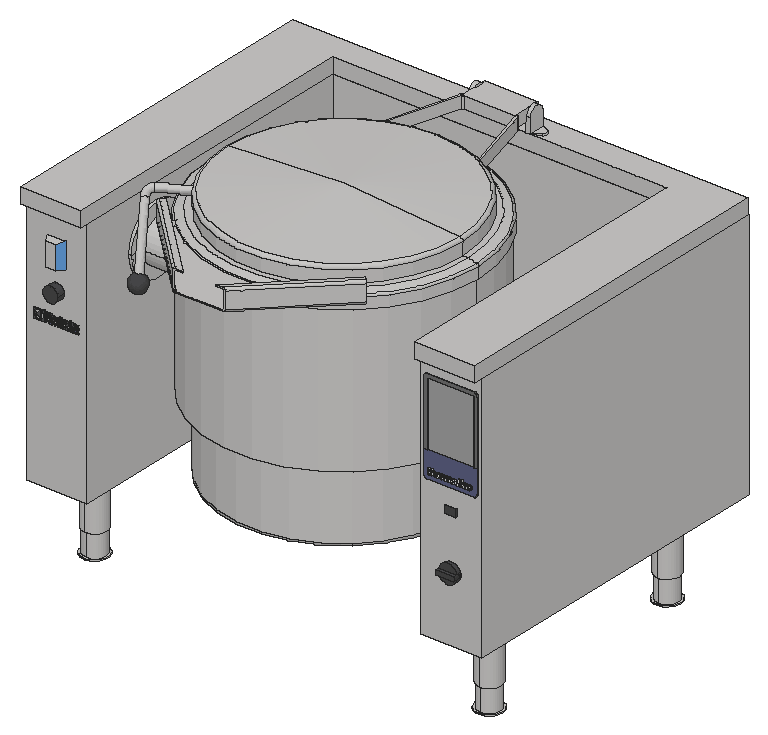
Revit family "QF_ELECTROLUXPROFESSIONAL_587178_PBOT10SCJO", category Attrezzature speciali, Revit 2020 (continued)
Definition of nested family "QF_ELECTROLUXPROFESSIONAL_PBOTS900_LEFT"
  Automatic sketch dimensions
    Extrusion 5 sketch curve to Extrusion 5 sketch curve = 2.352 mm  (x2)
    Extrusion 5 sketch curve to Extrusion 5 sketch curve = 3.797 mm
    Extrusion 5 sketch curve to Extrusion 5 sketch curve = 1.528 mm
    Extrusion 5 sketch curve to Extrusion 5 sketch curve = 1.476 mm  (x2)
    Extrusion 5 sketch curve to Extrusion 5 sketch curve = 1.469 mm  (x2)
    Extrusion 5 sketch curve to Extrusion 5 sketch curve = 3.728 mm
    Extrusion 5 sketch curve to Extrusion 5 sketch curve = 0.046 mm
    Extrusion 5 sketch curve to Extrusion 5 sketch curve = 0.177 mm
    Extrusion 5 sketch curve to Extrusion 5 sketch curve = 0.947 mm
    Extrusion 5 sketch curve to Extrusion 5 sketch curve = 0.308 mm
    Extrusion 5 sketch curve to Extrusion 5 sketch curve = 0.091 mm
    Extrusion 5 sketch curve to Extrusion 5 sketch curve = 2.375 mm
    Extrusion 5 sketch curve to Extrusion 5 sketch curve = 0.94 mm
    Extrusion 5 sketch curve to Extrusion 5 sketch curve = 0.54 mm
    Extrusion 5 sketch curve to Extrusion 5 sketch curve = 0.102 mm
    Extrusion 5 sketch curve to Extrusion 5 sketch curve = 0.002 mm  (x4)
    Extrusion 5 sketch curve to Extrusion 5 sketch curve = 0.105 mm
    Extrusion 5 sketch curve to Extrusion 5 sketch curve = 0.097 mm
    Extrusion 5 sketch curve to plane 3 "Center (Left/Right)" = 0.241 mm
    Extrusion 5 sketch curve to plane 3 "Center (Left/Right)" = 0.412 mm
    Extrusion 5 sketch curve to plane 3 "Center (Left/Right)" = 2.074 mm
    Extrusion 5 sketch curve to Extrusion 5 sketch curve = 1.777 mm
    Extrusion 5 sketch curve to plane 3 "Center (Left/Right)" = 2.704 mm
    Extrusion 5 sketch curve to Extrusion 5 sketch curve = 1.001 mm
    Extrusion 5 sketch curve to Extrusion 5 sketch curve = 1.393 mm  (x2)
    Extrusion 5 sketch curve to Extrusion 5 sketch curve = 2.363 mm
    Extrusion 5 sketch curve to Extrusion 5 sketch curve = 2.253 mm
    Extrusion 5 sketch curve to Extrusion 5 sketch curve = 0.014 mm  (x4)
    Extrusion 5 sketch curve to Extrusion 5 sketch curve = 0.172 mm
    Extrusion 5 sketch curve to Extrusion 5 sketch curve = 0.096 mm
    Extrusion 5 sketch curve to Extrusion 5 sketch curve = 0.164 mm
    Extrusion 5 sketch curve to Extrusion 5 sketch curve = 0.298 mm
    Extrusion 5 sketch curve to Extrusion 5 sketch curve = 0.247 mm
    Extrusion 5 sketch curve to Extrusion 5 sketch curve = 0.084 mm
    Extrusion 5 sketch curve to Extrusion 5 sketch curve = 6.484 mm
    Extrusion 5 sketch curve to Extrusion 5 sketch curve = 2.596 mm
    Extrusion 5 sketch curve to Extrusion 5 sketch curve = 0.059 mm  (x2)
    Extrusion 5 sketch curve to Extrusion 5 sketch curve = 3.889 mm
    Extrusion 5 sketch curve to Extrusion 5 sketch curve = 6.029 mm
    Extrusion 5 sketch curve to Extrusion 5 sketch curve = 0.929 mm
    Extrusion 5 sketch curve to Extrusion 5 sketch curve = 1.102 mm
    Extrusion 5 sketch curve to Extrusion 5 sketch curve = 0.756 mm  (x2)
    Extrusion 5 sketch curve to Extrusion 5 sketch curve = 0.852 mm
    Extrusion 5 sketch curve to Extrusion 5 sketch curve = 0.108 mm
    Extrusion 5 sketch curve to Extrusion 5 sketch curve = 0.101 mm
    Extrusion 5 sketch curve to Extrusion 5 sketch curve = 0.072 mm
    Extrusion 5 sketch curve to Extrusion 5 sketch curve = 1.67 mm
    Extrusion 5 sketch curve to Extrusion 5 sketch curve = 1.834 mm
    Extrusion 5 sketch curve to Extrusion 5 sketch curve = 0.366 mm
    Extrusion 5 sketch curve to Extrusion 5 sketch curve = 0.993 mm
    Extrusion 5 sketch curve to Extrusion 5 sketch curve = 0.81 mm
    Extrusion 5 sketch curve to Extrusion 5 sketch curve = 1.026 mm  (x2)
    Extrusion 5 sketch curve to Extrusion 5 sketch curve = 4.272 mm
    Extrusion 5 sketch curve to Extrusion 5 sketch curve = 0.163 mm
    Extrusion 5 sketch curve to Extrusion 5 sketch curve = 0.551 mm
    plane 14 to Extrusion 5 sketch curve = 6.023 mm
    Extrusion 5 sketch curve to Extrusion 5 sketch curve = 1.451 mm
    plane 14 to Extrusion 5 sketch curve = 5.28 mm
    Extrusion 5 sketch curve to Extrusion 5 sketch curve = 0.045 mm  (x2)
    Extrusion 5 sketch curve to Extrusion 5 sketch curve = 0.241 mm
    Extrusion 5 sketch curve to Extrusion 5 sketch curve = 0.039 mm
    Extrusion 5 sketch curve to Extrusion 5 sketch curve = 1.134 mm
    Extrusion 5 sketch curve to Extrusion 5 sketch curve = 2.351 mm
    Extrusion 5 sketch curve to plane 14 = 0.874 mm
    Extrusion 5 sketch curve to Extrusion 5 sketch curve = 10.128 mm
    Extrusion 5 sketch curve to Extrusion 5 sketch curve = 0.956 mm
    Extrusion 5 sketch curve to Extrusion 5 sketch curve = 1.263 mm
    Extrusion 5 sketch curve to Extrusion 5 sketch curve = 2.577 mm
    Extrusion 5 sketch curve to Extrusion 5 sketch curve = 0.243 mm
    Extrusion 5 sketch curve to Extrusion 5 sketch curve = 0.031 mm
    Extrusion 5 sketch curve to Extrusion 5 sketch curve = 7.148 mm
    Extrusion 5 sketch curve to Extrusion 5 sketch curve = 1.502 mm
    Extrusion 5 sketch curve to Extrusion 5 sketch curve = 11.54 mm
    Extrusion 5 sketch curve to Extrusion 5 sketch curve = 11.758 mm
    Extrusion 5 sketch curve to Extrusion 5 sketch curve = 4.097 mm
    Extrusion 5 sketch curve to Extrusion 5 sketch curve = 0.011 mm
    Extrusion 5 sketch curve to Extrusion 5 sketch curve = 4.488 mm
    plane 18 "CHW" to Extrusion 5 sketch curve = 191.223 mm
    Extrusion 5 sketch curve to Extrusion 5 sketch curve = 3.444 mm  (x2)
    Extrusion 5 sketch curve to Extrusion 5 sketch curve = 3.777 mm
    Extrusion 5 sketch curve to Extrusion 5 sketch curve = 1.093 mm
    Extrusion 5 sketch curve to Extrusion 5 sketch curve = 1.192 mm
    Extrusion 5 sketch curve to Extrusion 5 sketch curve = 0.319 mm
    Extrusion 5 sketch curve to Extrusion 5 sketch curve = 5.798 mm
    Extrusion 5 sketch curve to Extrusion 5 sketch curve = 2.021 mm
    Extrusion 5 sketch curve to Extrusion 5 sketch curve = 2.357 mm  (x3)
    Extrusion 5 sketch curve to Extrusion 5 sketch curve = 0.892 mm  (x3)
    Extrusion 5 sketch curve to Extrusion 5 sketch curve = 1.018 mm
    Extrusion 5 sketch curve to Extrusion 5 sketch curve = 3.382 mm  (x2)
    Extrusion 5 sketch curve to Extrusion 5 sketch curve = 2.117 mm
    Extrusion 5 sketch curve to Extrusion 5 sketch curve = 0.195 mm  (x2)
    Extrusion 5 sketch curve to Extrusion 5 sketch curve = 0.295 mm  (x2)
    Extrusion 5 sketch curve to Extrusion 5 sketch curve = 0.618 mm
    Extrusion 5 sketch curve to Extrusion 5 sketch curve = 0.385 mm  (x2)
    Extrusion 5 sketch curve to Extrusion 5 sketch curve = 1.626 mm  (x2)
    Extrusion 5 sketch curve to Extrusion 5 sketch curve = 1.65 mm
    Extrusion 5 sketch curve to Extrusion 5 sketch curve = 1.662 mm
    Extrusion 5 sketch curve to Extrusion 5 sketch curve = 0.013 mm  (x2)
    Extrusion 5 sketch curve to Extrusion 5 sketch curve = 0.292 mm
    Extrusion 5 sketch curve to Extrusion 5 sketch curve = 0.107 mm  (x2)
    Extrusion 5 sketch curve to Extrusion 5 sketch curve = 0.068 mm  (x2)
    Extrusion 5 sketch curve to Extrusion 5 sketch curve = 0.968 mm
    Extrusion 5 sketch curve to Extrusion 5 sketch curve = 0.365 mm
    Extrusion 5 sketch curve to Extrusion 5 sketch curve = 2.361 mm
    Extrusion 5 sketch curve to Extrusion 5 sketch curve = 2.359 mm
    Extrusion 5 sketch curve to Extrusion 5 sketch curve = 0.531 mm  (x2)
    Extrusion 5 sketch curve to Extrusion 5 sketch curve = 0.928 mm  (x2)
    Extrusion 5 sketch curve to Extrusion 5 sketch curve = 1.058 mm
    Extrusion 5 sketch curve to Extrusion 5 sketch curve = 0.297 mm  (x2)
    Extrusion 5 sketch curve to Extrusion 5 sketch curve = 0.155 mm  (x2)
    Extrusion 5 sketch curve to Extrusion 5 sketch curve = 1.305 mm
    Extrusion 5 sketch curve to Extrusion 5 sketch curve = 1.037 mm
    Extrusion 5 sketch curve to Extrusion 5 sketch curve = 0.182 mm  (x2)
    Extrusion 5 sketch curve to Extrusion 5 sketch curve = 0.607 mm  (x2)
    Extrusion 5 sketch curve to Extrusion 5 sketch curve = 0.304 mm  (x2)
    Extrusion 5 sketch curve to Extrusion 5 sketch curve = 0.372 mm  (x2)
    Extrusion 5 sketch curve to Extrusion 5 sketch curve = 0.016 mm  (x2)
    Extrusion 5 sketch curve to Extrusion 5 sketch curve = 0.996 mm
    Extrusion 5 sketch curve to Extrusion 5 sketch curve = 0.93 mm
    Extrusion 5 sketch curve to Extrusion 5 sketch curve = 0.709 mm  (x2)
    Extrusion 5 sketch curve to Extrusion 5 sketch curve = 1.752 mm
    Extrusion 5 sketch curve to Extrusion 5 sketch curve = 1.017 mm
    Extrusion 5 sketch curve to Extrusion 5 sketch curve = 4.718 mm
    Extrusion 5 sketch curve to Extrusion 5 sketch curve = 0.891 mm
    Extrusion 5 sketch curve to Extrusion 5 sketch curve = 3.826 mm
    Extrusion 5 sketch curve to Extrusion 5 sketch curve = 1.696 mm
    Extrusion 5 sketch curve to Extrusion 5 sketch curve = 0.954 mm
    Extrusion 5 sketch curve to Extrusion 5 sketch curve = 5.576 mm
    Extrusion 5 sketch curve to Extrusion 5 sketch curve = 5.657 mm  (x2)
    Extrusion 5 sketch curve to Extrusion 5 sketch curve = 5.661 mm  (x2)
    Extrusion 5 sketch curve to Extrusion 5 sketch curve = 0.006 mm
    Extrusion 5 sketch curve to Extrusion 5 sketch curve = 1.499 mm
    Extrusion 5 sketch curve to Extrusion 5 sketch curve = 7.186 mm
    Extrusion 5 sketch curve to Extrusion 5 sketch curve = 2.203 mm
    Extrusion 5 sketch curve to Extrusion 5 sketch curve = 2.21 mm
    Extrusion 5 sketch curve to Extrusion 5 sketch curve = 1.607 mm
    Extrusion 5 sketch curve to Extrusion 5 sketch curve = 3.479 mm
    Extrusion 5 sketch curve to Extrusion 5 sketch curve = 3.92 mm
    Extrusion 5 sketch curve to Extrusion 5 sketch curve = 0.05 mm
    Extrusion 5 sketch curve to Extrusion 5 sketch curve = 1.776 mm
    Extrusion 5 sketch curve to Extrusion 5 sketch curve = 4.017 mm
    Extrusion 5 sketch curve to Extrusion 5 sketch curve = 0.196 mm  (x2)
    Extrusion 5 sketch curve to Extrusion 5 sketch curve = 0.19 mm
    Extrusion 5 sketch curve to Extrusion 5 sketch curve = 1.312 mm
    Extrusion 5 sketch curve to Extrusion 5 sketch curve = 0.146 mm
    Extrusion 5 sketch curve to Extrusion 5 sketch curve = 2.831 mm
    Extrusion 5 sketch curve to Extrusion 5 sketch curve = 0.387 mm
    Extrusion 5 sketch curve to Extrusion 5 sketch curve = 0.174 mm
    Extrusion 5 sketch curve to Extrusion 5 sketch curve = 4.623 mm
    Extrusion 5 sketch curve to Extrusion 5 sketch curve = 1.754 mm
    Extrusion 5 sketch curve to Extrusion 5 sketch curve = 0.188 mm
    Extrusion 5 sketch curve to Extrusion 5 sketch curve = 0.02 mm
    Extrusion 5 sketch curve to Extrusion 5 sketch curve = 0.313 mm
    Extrusion 5 sketch curve to Extrusion 5 sketch curve = 0.12 mm
    Extrusion 5 sketch curve to Extrusion 5 sketch curve = 0.062 mm
    Extrusion 5 sketch curve to Extrusion 5 sketch curve = 0.568 mm
    Extrusion 5 sketch curve to Extrusion 5 sketch curve = 1.763 mm
    Extrusion 5 sketch curve to Extrusion 5 sketch curve = 0.095 mm
    Extrusion 5 sketch curve to Extrusion 5 sketch curve = 1.817 mm
    Extrusion 5 sketch curve to Extrusion 5 sketch curve = 0.357 mm
    Extrusion 5 sketch curve to Extrusion 5 sketch curve = 0.008 mm
    Extrusion 5 sketch curve to Extrusion 5 sketch curve = 0.36 mm
    Extrusion 5 sketch curve to Extrusion 5 sketch curve = 3.784 mm
    Extrusion 5 sketch curve to Extrusion 5 sketch curve = 1.654 mm
    Extrusion 5 sketch curve to Extrusion 5 sketch curve = 1.454 mm
    Extrusion 5 sketch curve to Extrusion 5 sketch curve = 1.705 mm
    Extrusion 5 sketch curve to Extrusion 5 sketch curve = 1.893 mm
    Extrusion 5 sketch curve to Extrusion 5 sketch curve = 3.429 mm
    Extrusion 5 sketch curve to Extrusion 5 sketch curve = 1.094 mm
    Extrusion 5 sketch curve to Extrusion 5 sketch curve = 2.218 mm
    Extrusion 5 sketch curve to Extrusion 5 sketch curve = 1.404 mm
    Extrusion 5 sketch curve to Extrusion 5 sketch curve = 5.763 mm
    Extrusion 5 sketch curve to Extrusion 5 sketch curve = 2.932 mm  (x2)
    Extrusion 5 sketch curve to Extrusion 5 sketch curve = 5.959 mm
    Extrusion 5 sketch curve to Extrusion 5 sketch curve = 1.424 mm
    Extrusion 5 sketch curve to Extrusion 5 sketch curve = 3.23 mm
    Extrusion 5 sketch curve to Extrusion 5 sketch curve = 1.975 mm
    Extrusion 5 sketch curve to Extrusion 5 sketch curve = 3.779 mm
    Extrusion 5 sketch curve to Extrusion 5 sketch curve = 2.212 mm
    Extrusion 5 sketch curve to Extrusion 5 sketch curve = 3.78 mm
    Extrusion 5 sketch curve to Extrusion 5 sketch curve = 1.279 mm
    Extrusion 5 sketch curve to Extrusion 5 sketch curve = 1.343 mm  (x2)
    Extrusion 5 sketch curve to Extrusion 5 sketch curve = 1.353 mm  (x2)
    Extrusion 5 sketch curve to Extrusion 5 sketch curve = 0.027 mm  (x2)
    Extrusion 5 sketch curve to Extrusion 5 sketch curve = 0.395 mm  (x2)
    Extrusion 5 sketch curve to Extrusion 5 sketch curve = 0.329 mm  (x2)
    Extrusion 5 sketch curve to Extrusion 5 sketch curve = 0.425 mm  (x2)
    Extrusion 5 sketch curve to Extrusion 5 sketch curve = 0.051 mm  (x2)
    Extrusion 5 sketch curve to Extrusion 5 sketch curve = 0.495 mm  (x2)
    Extrusion 5 sketch curve to Extrusion 5 sketch curve = 0.267 mm  (x2)
    Extrusion 5 sketch curve to Extrusion 5 sketch curve = 1.4 mm
    Extrusion 5 sketch curve to Extrusion 5 sketch curve = 5.233 mm
    Extrusion 5 sketch curve to Extrusion 5 sketch curve = 2.062 mm
    Extrusion 6 sketch curve to plane 13 "HW_CW" = 0.0 mm  (x2)
    Extrusion 6 sketch curve to plane 15 = 0.0 mm
    Extrusion 6 sketch curve to plane 14 = 0.0 mm
    Extrusion 7 sketch curve to plane 3 "Center (Left/Right)" = 0.0 mm
    Extrusion 7 sketch curve to plane 16 "SteamO" = 0.0 mm
    Extrusion 8 sketch curve to plane 3 "Center (Left/Right)" = 0.0 mm
    Extrusion 8 sketch curve to plane 17 "STEAM" = 0.0 mm
    radius of Extrusion 2 sketch curve = 20.0 mm
    radius of Extrusion 3 sketch curve = 6.35 mm  (x2)
    radius of Extrusion 5 sketch curve = 2.453 mm
    radius of Extrusion 5 sketch curve = 1.557 mm
    radius of Extrusion 5 sketch curve = 1.468 mm
    radius of Extrusion 5 sketch curve = 2.451 mm
    radius of Extrusion 6 sketch curve = 5.0 mm  (x2)
    radius of Extrusion 7 sketch curve = 12.7 mm
    radius of Extrusion 8 sketch curve = 12.7 mm
Definition of nested family "QF_ELECTROLUXPROFESSIONAL_PBOTS900_RIGHT"
  Parameters
    Width = 160.0 mm
    Steam_z = 140.0 mm
    Steam_y = 239.0 mm
    Right = Width / 2  # 80.0 mm
    Default Elevation = 0.0 mm
    Left = -Width / 2  # -80.0 mm
    Htop = 40.0 mm
    Height = 900.0 mm
    HBase = 200.0 mm
    EI_z = 250.0 mm
    EI_y = 312.0 mm
    Depth = 900.0 mm
    BorderFront = 20.0 mm
    Body Finish [instance] = none
  Reference planes
    plane 1 "Center (Front/Back)": y = 0
    plane 2: z = 0
    plane 3 "Center (Left/Right)": x = 0
    plane 4 "LEFT": x = -80
    plane 5 "RIGHT": x = 80
    plane 6 "BACK": y = 450
    plane 7 "FRONT": y = -450
    plane 8 "Base": z = 200
    plane 9 "TOP": z = 900
    plane 10 "BorderFront": y = -430
    plane 11: z = 860
    plane 12 "EI": z = 450
    plane 13: y = 138
    plane 14 "STEAM_y": y = 211
    plane 15 "Steam_z": z = 340
  Forms (mm)
    Extrusion 1, solid
      sketch origin (0, 0, 0) x (1, 0, 0) y (0, 1, 0)
        loop
          line (-80, 450) -> (-80, -430) -> (80, -430) -> (80, 450) -> (-80, 450)
      from 860 to 200
    Extrusion 2, solid
      sketch origin (0, -430, 0) x (-1, 0, 0) y (0, 0, 1)
        loop
          line (59.714, 823.989) -> (-61.821, 823.989)
          arc (-61.821, 823.989) -> (-68.892, 821.06) -> (-71.821, 813.989) r 10
          line (-71.821, 813.989) -> (-71.821, 644.744) -> (-61.821, 644.744) -> (-61.821, 813.989) -> (59.714, 813.989) -> (59.714, 644.744) -> (69.714, 644.744) -> (69.714, 813.989)
          arc (69.714, 813.989) -> (66.786, 821.06) -> (59.714, 823.989) r 10
      from 0 to -3
    Extrusion 3, solid
      sketch origin (0, -430, 0) x (-1, 0, 0) y (0, 0, 1)
        loop
          circle (0, 375.28) r 25
      from 0 to -10
    Extrusion 4, solid
      sketch origin (0, -430, 0) x (-1, 0, 0) y (0, 0, 1)
        loop
          line (24.382, 380.806) -> (-24.382, 380.806)
          arc (-24.382, 380.806) -> (-25, 375.28) -> (-24.382, 369.753) r 25
          line (-24.382, 369.753) -> (24.382, 369.753)
          arc (24.382, 369.753) -> (25, 375.28) -> (24.382, 380.806) r 25
      from 0 to -20
    Extrusion 5, solid
      sketch origin (0, -430, 0) x (-1, 0, 0) y (0, 0, 1)
        loop
          line (69.714, 585) -> (69.714, 644.744) -> (-71.821, 644.744) -> (-71.821, 585)
          arc (-71.821, 585) -> (-68.892, 577.929) -> (-61.821, 575) r 10
          line (-61.821, 575) -> (59.714, 575)
          arc (59.714, 575) -> (66.786, 577.929) -> (69.714, 585) r 10
      from -3 to 0
    Extrusion 6, solid
      sketch origin (234.714, -430, 0) x (-1, 0, 0) y (0, 0, 1)
        loop
          line (294.429, 813.989) -> (172.894, 813.989) -> (172.894, 644.744) -> (294.429, 644.744) -> (294.429, 813.989)
      from 0 to -3
    Extrusion 7, solid
      sketch origin (0, -430, 0) x (-1, 0, 0) y (0, 0, 1)
        loop
          line (15, 530) -> (-15, 530) -> (-15, 510) -> (15, 510) -> (15, 530)
      from -1.6 to 0
    Extrusion 8, solid
      sketch origin (0, 450, 0) x (-1, 0, 0) y (0, 0, 1)
        loop
          circle (0, 450) r 5
      from 0 to 2
    Extrusion 9, solid
      sketch origin (0, 0, 200) x (0, 1, 0) y (-1, 0, 0)
        loop
          circle (138, 0) r 10
      from 0 to -3
    Extrusion 10, solid
      sketch origin (0, 0, 200) x (0, 1, 0) y (-1, 0, 0)
        loop
          circle (211, 0) r 12.7
      from 0 to -3
    Extrusion 11, solid
      sketch origin (0, 450, 0) x (-1, 0, 0) y (0, 0, 1)
        loop
          circle (0, 340) r 12.7
      from 0 to 3
  Lines and regions (mm)
    symbolic lines
      curve 1: line (-80, 450, 0) -> (80, 450, 0)
      curve 2: line (80, 450, 0) -> (80, -430, 0)
  Dimensions and locks
    "Width": plane 4 "LEFT" to plane 5 "RIGHT"
    equal spacing: plane 4 "LEFT", plane 3 "Center (Left/Right)", plane 5 "RIGHT"
    equal spacing: plane 6 "BACK", plane 1 "Center (Front/Back)", plane 7 "FRONT"
    "Depth": plane 6 "BACK" to plane 7 "FRONT"
    "BorderFront": plane 10 "BorderFront" to plane 7 "FRONT"
    "Htop": plane 9 "TOP" to plane 11
    "Height": plane 9 "TOP" to level
    "HBase": plane 8 "Base" to level
    Extrusion 4 sketch curve to Extrusion 4 sketch curve = 11.053 mm
    "EI_y": plane 6 "BACK" to plane 13
    "EI_z": plane 12 "EI" to plane 8 "Base"
    "Steam_y": plane 6 "BACK" to plane 14 "STEAM_y"
    plane 15 "Steam_z" to plane 8 "Base" = 140.0 mm
    aligned and locked: level to plane 2
    aligned and locked: plane 10 "BorderFront" to Extrusion 1 sketch curve
    aligned and locked: plane 11 to Extrusion 1
    aligned and locked: Extrusion 1 to plane 8 "Base"
    aligned and locked: plane 4 "LEFT" to Extrusion 1 sketch curve
    aligned and locked: Extrusion 1 sketch curve to plane 5 "RIGHT"
    aligned and locked: Extrusion 1 sketch curve to plane 6 "BACK"
  Automatic sketch dimensions
    Extrusion 3 sketch curve to plane 3 "Center (Left/Right)" = 0.0 mm
    plane 8 "Base" to Extrusion 3 sketch curve = 175.28 mm
    Extrusion 4 sketch curve to Extrusion 4 sketch curve = 0.0 mm  (x3)
    Extrusion 4 sketch curve to plane 3 "Center (Left/Right)" = 0.0 mm
    plane 3 "Center (Left/Right)" to Extrusion 4 sketch curve = 24.382 mm
    Extrusion 4 sketch curve to plane 3 "Center (Left/Right)" = 24.382 mm
    plane 8 "Base" to Extrusion 4 sketch curve = 169.753 mm
    Extrusion 2 sketch curve to plane 5 "RIGHT" = 8.179 mm
    Extrusion 2 sketch curve to Extrusion 2 sketch curve = 10.0 mm  (x2)
    Extrusion 2 sketch curve to Extrusion 2 sketch curve = 0.0 mm  (x4)
    plane 4 "LEFT" to Extrusion 2 sketch curve = 20.286 mm
    Extrusion 2 sketch curve to plane 11 = 215.256 mm
    Extrusion 2 sketch curve to plane 11 = 46.011 mm
    Extrusion 5 sketch curve to plane 5 "RIGHT" = 8.179 mm
    plane 4 "LEFT" to Extrusion 5 sketch curve = 20.286 mm
    plane 4 "LEFT" to Extrusion 5 sketch curve = 10.286 mm
    Extrusion 5 sketch curve to plane 11 = 285.0 mm
    Extrusion 5 sketch curve to Extrusion 5 sketch curve = 59.744 mm
    Extrusion 5 sketch curve to Extrusion 5 sketch curve = 10.0 mm
    plane 4 "LEFT" to Extrusion 6 sketch curve = 20.286 mm
    Extrusion 6 sketch curve to plane 11 = 46.011 mm
    Extrusion 6 sketch curve to plane 5 "RIGHT" = 18.179 mm
    Extrusion 6 sketch curve to Extrusion 6 sketch curve = 169.244 mm
    Extrusion 8 sketch curve to plane 3 "Center (Left/Right)" = 0.0 mm
    Extrusion 8 sketch curve to plane 12 "EI" = 0.0 mm
    curve 1 to plane 4 "LEFT" = 0.0 mm
    curve 1 to plane 5 "RIGHT" = 0.0 mm
    curve 2 to plane 10 "BorderFront" = 0.0 mm
    curve 1 to plane 6 "BACK" = 0.0 mm
    plane 3 "Center (Left/Right)" to Extrusion 7 sketch curve = 15.0 mm
    Extrusion 7 sketch curve to plane 3 "Center (Left/Right)" = 15.0 mm
    plane 12 "EI" to Extrusion 7 sketch curve = 60.0 mm
    Extrusion 7 sketch curve to Extrusion 7 sketch curve = 20.0 mm
    Extrusion 9 sketch curve to plane 3 "Center (Left/Right)" = 0.0 mm
    Extrusion 9 sketch curve to plane 13 = 0.0 mm
    Extrusion 10 sketch curve to plane 3 "Center (Left/Right)" = 0.0 mm
    Extrusion 10 sketch curve to plane 14 "STEAM_y" = 0.0 mm
    Extrusion 11 sketch curve to plane 3 "Center (Left/Right)" = 0.0 mm
    Extrusion 11 sketch curve to plane 15 "Steam_z" = 0.0 mm
    radius of Extrusion 3 sketch curve = 25.0 mm
    radius of Extrusion 8 sketch curve = 5.0 mm
    radius of Extrusion 9 sketch curve = 10.0 mm
    radius of Extrusion 10 sketch curve = 12.7 mm
    radius of Extrusion 11 sketch curve = 12.7 mm
  Nested families
    nested 1: "ELX_ThermaLine" at (-0.906, -433, 593.675) x (1, 0, 0) z (0, -1, 0), type "ELX_ThermaLine"
      with Show Logo yes, Material_Logo none
  Definition of nested family "ELX_ThermaLine"
    Parameters
      Show Logo [instance] = yes
      Material_Logo [instance] = none
      Default Elevation = 0.0 mm
    Reference planes
      plane 1 "Centro (Fronte/Retro)": y = 0
      plane 2: z = 0
      plane 3 "Centro (Sinistra/Destra)": x = 0
    Forms (mm)
      Extrusion 1, solid
        sketch origin (0, 0, 0) x (1, 0, 0) y (0, 1, 0)
          loop
            line (-1219.2, 1219.2) -> (-1219.2, -1219.2) -> (1219.2, -1219.2) -> (1219.2, 1219.2) -> (-1219.2, 1219.2)
        from 0 to -304.8
      Extrusion 2, solid
        sketch origin (0, 0, 0) x (1, 0, 0) y (0, 1, 0)
          loop
            line (-52.84, 4.345) -> (-50.793, 4.345) -> (-50.793, 6.716) -> (-52.84, 6.716) -> (-52.84, 10.788) -> (-55.901, 9.058) -> (-55.901, 6.716) -> (-57.324, 6.716) -> (-57.324, 4.345) -> (-55.901, 4.345) -> (-55.901, -1.637)
            arc (-55.901, -1.637) -> (-54.76, -4.355) -> (-51.88, -4.985) r 3.198
            line (-51.88, -4.985) -> (-50.444, -4.597) -> (-50.782, -2.189) -> (-51.765, -2.453)
            arc (-51.765, -2.453) -> (-52.506, -2.305) -> (-52.84, -1.628) r 0.854
            line (-52.84, -1.628) -> (-52.84, 4.345)
          loop
            line (-48.642, 11.198) -> (-48.642, -4.787) -> (-45.561, -4.787) -> (-45.561, 2.659)
            arc (-45.561, 2.659) -> (-44.379, 4.372) -> (-42.304, 4.523) r 2.408
            arc (-42.304, 4.523) -> (-41.484, 3.75) -> (-41.182, 2.665) r 2.099
            line (-41.182, 2.665) -> (-41.182, -4.787) -> (-38.117, -4.787) -> (-38.088, 2.166)
            arc (-38.088, 2.166) -> (-38.343, 3.963) -> (-39.021, 5.646) r 7.517
            arc (-39.021, 5.646) -> (-42.369, 6.971) -> (-45.561, 5.303) r 4.327
            line (-45.561, 5.303) -> (-45.561, 11.198) -> (-48.642, 11.198)
          loop
            arc (-28.196, 1.988) -> (-28.834, 3.893) -> (-30.683, 4.679) r 2.449
            arc (-30.683, 4.679) -> (-32.149, 3.674) -> (-32.711, 1.988) r 2.793
            line (-32.711, 1.988) -> (-28.196, 1.988)
          loop
            arc (-25.128, 0.121) -> (-26.074, 4.342) -> (-29.545, 6.923) r 6.212
            arc (-29.545, 6.923) -> (-33.021, 6.358) -> (-35.352, 3.718) r 5.232
            arc (-35.352, 3.718) -> (-35.918, 1.148) -> (-35.633, -1.468) r 8.117
            arc (-35.633, -1.468) -> (-34.524, -3.319) -> (-32.789, -4.603) r 5.523
            arc (-32.789, -4.603) -> (-28.402, -4.744) -> (-25.297, -1.641) r 5.523
            line (-25.297, -1.641) -> (-28.327, -1.106)
            arc (-28.327, -1.106) -> (-29.324, -2.396) -> (-30.951, -2.501) r 1.982
            arc (-30.951, -2.501) -> (-32.276, -1.475) -> (-32.789, 0.121) r 2.835
            line (-32.789, 0.121) -> (-25.128, 0.121)
          loop
            line (-22.733, -4.787) -> (-19.705, -4.787) -> (-19.705, 0)
            arc (-19.705, 0) -> (-19.663, 1.267) -> (-19.469, 2.521) r 10.557
            arc (-19.469, 2.521) -> (-18.189, 4.014) -> (-16.237, 3.761) r 2.069
            line (-16.237, 3.761) -> (-15.318, 6.433)
            arc (-15.318, 6.433) -> (-17.915, 6.783) -> (-19.931, 5.11) r 3.262
            line (-19.931, 5.11) -> (-19.931, 6.752) -> (-22.733, 6.752) -> (-22.733, -4.787)
          loop
            line (-14.233, 6.752) -> (-14.233, -4.787) -> (-11.135, -4.787) -> (-11.135, 1.783)
            arc (-11.135, 1.783) -> (-10.552, 3.635) -> (-8.862, 4.59) r 2.646
            arc (-8.862, 4.59) -> (-7.677, 3.931) -> (-7.234, 2.65) r 1.899
            line (-7.234, 2.65) -> (-7.234, -4.787) -> (-4.155, -4.787) -> (-4.155, 1.467)
            arc (-4.155, 1.467) -> (-3.845, 2.923) -> (-2.97, 4.128) r 3.581
            arc (-2.97, 4.128) -> (-1.581, 4.474) -> (-0.516, 3.516) r 1.525
            arc (-0.516, 3.516) -> (-0.324, 2.735) -> (-0.304, 1.931) r 3.735
            line (-0.304, 1.931) -> (-0.304, -4.787) -> (2.776, -4.787) -> (2.776, 3.096)
            arc (2.776, 3.096) -> (1.833, 5.68) -> (-0.612, 6.942) r 3.784
            arc (-0.612, 6.942) -> (-2.795, 6.596) -> (-4.513, 5.205) r 4.271
            arc (-4.513, 5.205) -> (-5.893, 6.457) -> (-7.686, 6.964) r 4.079
            arc (-7.686, 6.964) -> (-9.75, 6.555) -> (-11.39, 5.237) r 4.412
            line (-11.39, 5.237) -> (-11.39, 6.752) -> (-14.233, 6.752)
          loop
            line (5.334, 3.712) -> (8.069, 3.23)
            arc (8.069, 3.23) -> (10.312, 4.685) -> (12.137, 2.73) r 2.082
            line (12.137, 2.73) -> (8.171, 1.741)
            arc (8.171, 1.741) -> (6.593, 1.022) -> (5.378, -0.215) r 4.758
            arc (5.378, -0.215) -> (5.225, -1.991) -> (5.744, -3.697) r 4.711
            arc (5.744, -3.697) -> (7.301, -4.682) -> (9.118, -4.992) r 4.691
            arc (9.118, -4.992) -> (10.903, -4.593) -> (12.411, -3.558) r 4.818
            line (12.411, -3.558) -> (12.81, -4.787) -> (15.873, -4.787) -> (15.179, -2.652) -> (15.179, 3.25)
            arc (15.179, 3.25) -> (14.773, 5.146) -> (13.38, 6.496) r 3.336
            arc (13.38, 6.496) -> (10.765, 7.201) -> (8.091, 6.773) r 6.459
            arc (8.091, 6.773) -> (6.348, 5.57) -> (5.334, 3.712) r 4.569
          loop
            line (21.001, -4.787) -> (24.24, -4.787) -> (27.623, 11.127) -> (24.384, 11.127) -> (21.001, -4.787)
          loop
            line (27.273, -4.787) -> (30.332, -4.787) -> (32.777, 6.716) -> (29.718, 6.716) -> (27.273, -4.787)
          loop
            line (30.656, 11.127) -> (30.058, 8.314) -> (33.117, 8.314) -> (33.715, 11.127) -> (30.656, 11.127)
          loop
            line (33.431, -4.787) -> (36.649, -4.787) -> (38.261, 2.796)
            arc (38.261, 2.796) -> (39.644, 4.445) -> (41.791, 4.594) r 2.751
            arc (41.791, 4.594) -> (42.425, 3.729) -> (42.502, 2.659) r 1.936
            line (42.502, 2.659) -> (40.919, -4.787) -> (43.989, -4.787) -> (45.795, 3.712)
            arc (45.795, 3.712) -> (45.588, 5.458) -> (44.361, 6.716) r 2.734
            arc (44.361, 6.716) -> (41.222, 6.857) -> (38.516, 5.259) r 5.512
            line (38.516, 5.259) -> (38.826, 6.716) -> (35.876, 6.716) -> (33.431, -4.787)
          loop
            line (50.773, 1.934) -> (55.672, 1.934)
            arc (55.672, 1.934) -> (55.737, 2.919) -> (55.334, 3.821) r 2.051
            arc (55.334, 3.821) -> (53.773, 4.722) -> (52.024, 4.287) r 2.407
            arc (52.024, 4.287) -> (51.223, 3.203) -> (50.773, 1.934) r 4.566
          loop
            line (50.479, 0) -> (58.259, 0)
            arc (58.259, 0) -> (58.241, 3.53) -> (56.181, 6.396) r 5.8
            arc (56.181, 6.396) -> (52.577, 6.992) -> (49.395, 5.199) r 5.498
            arc (49.395, 5.199) -> (47.819, 2.372) -> (47.536, -0.853) r 7.747
            arc (47.536, -0.853) -> (48.406, -3.006) -> (50.236, -4.437) r 4.494
            arc (50.236, -4.437) -> (52.672, -4.934) -> (55.109, -4.437) r 6.224
            arc (55.109, -4.437) -> (56.76, -3.346) -> (57.916, -1.739) r 5.478
            line (57.916, -1.739) -> (55.129, -1.247)
            arc (55.129, -1.247) -> (53.897, -2.495) -> (52.149, -2.637) r 2.52
            arc (52.149, -2.637) -> (50.809, -1.638) -> (50.479, 0) r 2.336
          loop
            line (12.154, 0.755) -> (8.732, -0.098)
            arc (8.732, -0.098) -> (8.126, -1.288) -> (8.732, -2.478) r 1.471
            arc (8.732, -2.478) -> (10.437, -2.725) -> (11.827, -1.706) r 2.276
            arc (11.827, -1.706) -> (12.142, -0.496) -> (12.154, 0.755) r 5.123
        from 0 to 1.6
    Dimensions and locks
      aligned and locked: plane 2 to Extrusion 1
      aligned and locked: level to Extrusion 1
Definition of nested family "QF_ELECTROLUXPROFESSIONAL_2FEET_THL_120xH200"
  Parameters
    Width = 120.0 mm
    Right = Width / 2  # 60.0 mm
    Default Elevation = 0.0 mm
    Left = -Width / 2  # -60.0 mm
    Height = 200.0 mm
    HBase = Height - 15.0 mm  # 185.0 mm
    Depth = 880.0 mm
  Reference planes
    plane 1 "Center (Front/Back)": y = 0
    plane 2: z = 0
    plane 3 "Center (Left/Right)": x = 0
    plane 4 "LEFT": x = -60
    plane 5 "RIGHT": x = 60
    plane 6 "BACK": y = 440
    plane 7 "FRONT": y = -440
    plane 8 "Base": z = 185
    plane 9 "TOP": z = 200
    plane 10: y = 283
    plane 11: y = -304
    plane 12: y = 368
    plane 13: y = -388
    plane 14: x = -80
  Forms (mm)
    Extrusion 1, solid
      sketch origin (0, 0, 200) x (0, 1, 0) y (-1, 0, 0)
        loop
          line (368, 60) -> (-388, 60) -> (-388, -60) -> (368, -60) -> (368, 60)
      from 0 to -15
    Revolve 2, solid
      sketch origin (0, 0, 0) x (0, 1, 0) y (0, 0, 1)
        loop
          line (283, 0) -> (318, 0) -> (318, 2) -> (311.179, 2) -> (311.179, 63) -> (314.75, 63) -> (314.75, 185) -> (283, 185) -> (283, 0)
        axis (283, 185) -> (283, 0)
      angle from 0 to 360
    Revolve 3, solid
      sketch origin (0, 0, 0) x (0, 1, 0) y (0, 0, 1)
        loop
          line (-304, 185) -> (-304, 0) -> (-269, 0) -> (-269, 2) -> (-275.821, 2) -> (-275.821, 63) -> (-272.25, 63) -> (-272.25, 185) -> (-304, 185)
        axis (-304, 185) -> (-304, 0)
      angle from 0 to 360
  Dimensions and locks
    "Width": plane 4 "LEFT" to plane 5 "RIGHT"
    equal spacing: plane 4 "LEFT", plane 3 "Center (Left/Right)", plane 5 "RIGHT"
    equal spacing: plane 6 "BACK", plane 1 "Center (Front/Back)", plane 7 "FRONT"
    "Depth": plane 6 "BACK" to plane 7 "FRONT"
    "HBase": plane 8 "Base" to level
    "Height": plane 9 "TOP" to level
    locked: plane 6 "BACK" to plane 10 at 157
    locked: plane 10 to plane 11 at 587
    plane 6 "BACK" to plane 12 = 72.0 mm
    plane 13 to plane 7 "FRONT" = 52.0 mm
    plane 12 to plane 13 = 756.0 mm
    plane 14 to plane 3 "Center (Left/Right)" = 80.0 mm
    aligned and locked: level to plane 2
    aligned and locked: Extrusion 1 sketch curve to plane 5 "RIGHT"
    aligned and locked: plane 4 "LEFT" to Extrusion 1 sketch curve
    aligned and locked: Extrusion 1 to plane 8 "Base"
    aligned and locked: Extrusion 1 sketch curve to plane 12
    aligned and locked: plane 13 to Extrusion 1 sketch curve
  Automatic sketch dimensions
    Revolve 2 sketch curve to level = 0.0 mm
    Revolve 2 sketch curve to plane 10 = 0.0 mm  (x2)
    Revolve 2 sketch curve to plane 8 "Base" = 0.0 mm
    plane 10 to Revolve 2 sketch curve = 28.179 mm
    Revolve 2 sketch curve to Revolve 2 sketch curve = 31.75 mm
    Revolve 2 sketch curve to Revolve 2 sketch curve = 6.821 mm
    level to Revolve 2 sketch curve = 2.0 mm
    Revolve 2 sketch curve to Revolve 2 sketch curve = 61.0 mm
    Revolve 2 sketch curve to level = 50.0 mm
    plane 9 "TOP" to Revolve 2 sketch curve = 70.0 mm
    Revolve 3 sketch curve to plane 11 = 0.0 mm
    Revolve 3 sketch curve to level = 0.0 mm
    Revolve 3 sketch curve to plane 10 = 587.0 mm
    Revolve 3 sketch curve to plane 8 "Base" = 0.0 mm
    Revolve 3 sketch curve to plane 10 = 558.821 mm
    Revolve 3 sketch curve to Revolve 3 sketch curve = 3.571 mm
    Revolve 3 sketch curve to Revolve 3 sketch curve = 6.821 mm
    level to Revolve 3 sketch curve = 2.0 mm
    Revolve 3 sketch curve to Revolve 3 sketch curve = 61.0 mm
    Revolve 3 sketch curve to level = 180.0 mm
    plane 9 "TOP" to Revolve 3 sketch curve = 205.0 mm
Definition of nested family "QF_ELECTROLUXPROFESSIONAL_PBOT900_LEVEL1"
  Parameters
    Default Elevation = 0.0 mm
    Assembly Code = ""
  Reference planes
    plane 1 "Center (Front/Back)": y = 0
    plane 2: z = 0
    plane 3 "Center (Left/Right)": x = 0
  Forms (mm)
    Sweep 1, solid
      path origin (0, 0, 0) x (1, 0, 0) y (0, 0.5, 0.866025)
        loop
          line (0, 0) -> (-80, 0)
          arc (-80, 0) -> (-94.142, -5.858) -> (-100, -20) r 20
          line (-100, -20) -> (-100, -200)
      profile origin (-40, 0, 0) x (0, -0.5, -0.866025) y (0, -0.866025, 0.5)
        loop
          circle (0, 0) r 9
    Revolve 2, solid
      sketch origin (-20, 0, 0) x (1, 0, 0) y (0, 0.5, 0.866025)
        loop
          arc (-57.5, -200) -> (-80, -177.5) -> (-102.5, -200) r 22.5
          line (-102.5, -200) -> (-57.5, -200)
        axis (-102.5, -200) -> (-57.5, -200)
      angle from 0 to 360
  Lines and regions (mm)
    symbolic lines
      curve 1: line (0, -9, 0) -> (-80, -9, 0)
      curve 2: line (0, 9, 0) -> (-80, 9, 0)
      curve 3: line (-91, -80, 0) -> (-91, -15, 0)
      curve 4: line (-109, -80, 0) -> (-109, -10, 0)
      curve 5: arc (-109, -10, 0) -> (-97.335, 3.827, 0) -> (-80, 9, 0) r 31.632
      curve 6: arc (-91, -15, 0) -> (-86.265, -10.598, 0) -> (-80, -9, 0) r 13.083
      curve 7: spline (-77.953, -100, 0) -> (-78.704, -94.175, 0) -> (-80.907, -88.747, 0) -> (-84.41, -84.087, 0) -> (-88.977, -80.51, 0) -> (-94.294, -78.262, 0) -> (-100, -77.495, 0) -> (-105.706, -78.262, 0) -> (-111.023, -80.51, 0) -> (-115.59, -84.087, 0) -> (-119.093, -88.747, 0) -> (-121.296, -94.175, 0) -> (-122.047, -100, 0) -> (-121.296, -105.825, 0) -> (-119.093, -111.253, 0) -> (-115.59, -115.913, 0) -> (-111.023, -119.49, 0) -> (-105.706, -121.738, 0) -> (-100, -122.505, 0) -> (-94.294, -121.738, 0) -> (-88.977, -119.49, 0) -> (-84.41, -115.913, 0) -> (-80.907, -111.253, 0) -> (-78.704, -105.825, 0) -> (-77.953, -100, 0)
  Dimensions and locks
    aligned and locked: level to plane 2
